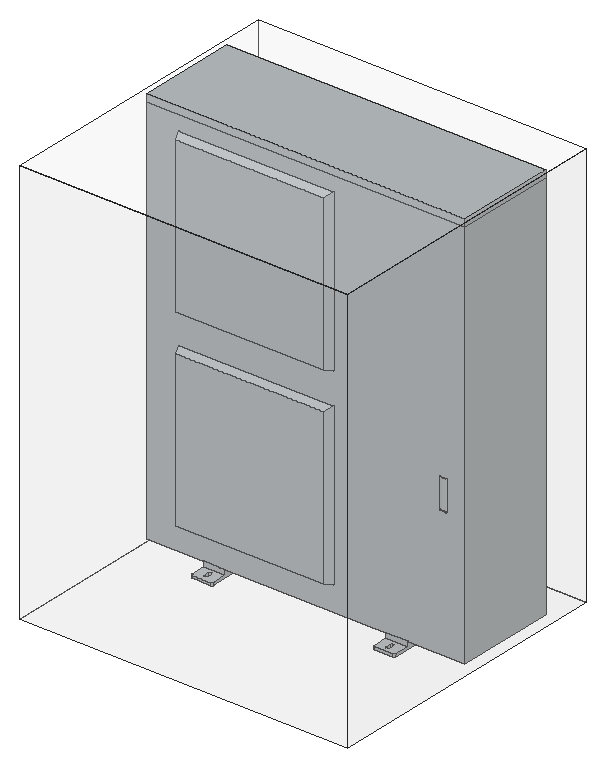
Revit family "puz-zrmp80hka16_280ka6_50hz", category 機械設備, Revit 2023
Family settings
  丸型コネクタ寸法 = 直径を使用
  パーツ タイプ = 標準
  OmniClass 番号 = 23.75.10.24.21.27.27
  OmniClass タイトル = Split System Air Conditioning Units
  作業面ベース = いいえ
  常に垂直 = はい
  ロード時にボイドで切り取り = いいえ
  注釈の向きを維持 = いいえ
  共有 = いいえ
  部屋計算ポイント = いいえ
Parameters (values of type "PUZ-ZRMP112KA16")
  風量_冷房 (㎥/min) = 100
  風量 = [風量_冷房 (㎥/min)] * 60.0 m³/h  # 6000.0 m³/h
  音響パワーレベル_冷房 (dB) = 68
  音響パワーレベル_暖房 (dB) = 70
  音響パワーレベル(dB) = if([音響パワーレベル_冷房 (dB)] > [音響パワーレベル_暖房 (dB)], [音響パワーレベル_冷房 (dB)], [音響パワーレベル_暖房 (dB)])  # 70
  電源種別 = ""
  電源位置Y = 2 mm
  電源位置Z = 1063 mm
  電源位置X = 325 mm
  電圧 = 200 V
  電動機出力_送風機 = 0.12 kW
  電動機出力_圧縮機 = 2.1 kW
  集中コントローラ [instance] = ""
  運転質量 = 0.00 kg
  運転方法 = "冷暖切替"
  質量 = if(製品質量 > 運転質量, 製品質量, 運転質量) * 1.2  # 120.00 kg
  負荷分類 = 1_熱源類
  説明 = "空冷H/P PAC インバータ室外機"
  設計暖房能力 [instance] = 0 kW
  設計冷房能力_顕熱 [instance] = 0 kW
  設計冷房能力 [instance] = 0 kW
  設置方法 = "床置形"
  記号 [instance] = ""
  製造元 = "三菱電機株式会社"
  製品質量 = 100.00 kg
  製品出荷対象 = "国内"
  製品リリース年月 = "2026/5/11"
  系統 [instance] = ""
  符号 = "PAC"
  積算_科目 = "1 空気調和設備"
  積算_拾い区分 [instance] = ""
  相 = 3
  盤記号 [instance] = ""
  発停方法 = "別売リモコン"
  特殊仕様 [instance] = ""
  消費電力_暖房 = 2.67 kW
  消費電力_冷房 = 2.43 kW
  消費電力 = if(消費電力_冷房 > 消費電力_暖房, 消費電力_冷房, 消費電力_暖房)  # 2.67 kW
  法定耐用年数 = "6"
  極数 = 3
  材質 [instance] = ""
  本体マテリアル = Galvanized steel plate
  最小電線太さ_mm2 = 5.5
  最大電流値 = 0 A
  暖房能力 = 11.2 kW
  既定の高さ = 0 mm
  推奨ブレーカー容量 = 30 A
  据付ピッチ1 = 0 mm
  形式 = "パッケージ形 室外機"
  形名 = PUZ-EZRMP-3 : PUZ-EZRMP3-1
  幹線記号 [instance] = ""
  始動方式 = "インバータ"
  呼称 = "パッケージ形空気調和機_室外機"
  周波数 = 50 Hz
  価格 = 0
  ドレン　位置Z = 23 mm
  ドレン　位置Y = 176 mm
  ドレン　位置X = 45 mm
  アンカーボルト位置Y = 370 mm
  アンカーボルト位置X = 600 mm
  参照している仕様書等のバージョン = "公共建築物標準仕様書（機械設備工事編）平成31年度版"
  分類コード = "50053003126100"
  分類グループ = "設備"
  冷房能力 = 10 kW
  冷媒管（ガス）位置X = 483 mm
  冷媒管（液）位置X = 423 mm
  冷媒管（液）位置Y = 290 mm
  冷媒管（ガス）位置Y = 274 mm
  冷媒管長 [instance] = 0 mm
  冷媒管径符号 = "Bd"
  冷媒管径 = 100 mm
  冷媒管位置Z = 450 mm
  冷媒管位置Y = (冷媒管（液）位置Y + 冷媒管（ガス）位置Y) / 2  # 282 mm
  冷媒管位置X = (冷媒管（液）位置X + 冷媒管（ガス）位置X) / 2  # 453 mm
  冷媒液管径 = 9.52 mm
  冷媒ガス管径 = 15.88 mm
  企業コード = "108420"
  付属品 [instance] = ""
  ユニット数 = 1
  ユニット3 = yes
  ユニット2 = yes
  モデル = "PUZ-ZRMP112KA16"
  ドレン管径 = 33 mm
  サービススペース = yes
  コメント [instance] = ""
  【値が 0 の項目は組合せ形名にてご確認ください】 = ""
  Width = 1050 mm
  Version = ""
  Uniclass2015Version = "Systems v1.9"
  Uniclass2015Title = "Split coil remote air cooled condensing units"
  Uniclass2015Code = "Pr_70_65_03_84"
  URL = "https://www.mitsubishielectric.co.jp/ldg/wink/qr/002/364679"
  SpecificationReference = ""
  SpecificationDescription = ""
  Revision = ""
  ProductInformation = ""
  OmniClassCode = "23-33 17 13 11"
  IfcTypeProduct = ""
  IfcProduct = ""
  IfcExportType = "AIRCONDITIONINGUNIT"
  IfcExportAs = "IfcUnitaryEquipmentType"
  Height = 1338 mm
  Depth = 330 mm
  Clearance Top = 0 mm
  Clearance Right = 15 mm
  Clearance Left = 15 mm
  Clearance Front = 500 mm
  Clearance Bottom = 0 mm
  Clearance Back = 150 mm
  COP_暖房 = 0
  COP_冷房 = 0
  COP = (COP_冷房 + COP_暖房) / 2  # 0
  BLCJ仕様バージョン = "2.0"
  Author = "三菱電機株式会社"
  APF = 0
Reference planes
  plane 1 "中心(正面/背面)": y = 74
  plane 2: z = 0
  plane 3 "中心(左/右)": x = 830
  plane 4 "右": x = 1355
  plane 5 "左": x = 305
  plane 6 "背面": y = 239
  plane 7 "正面": y = -91
  plane 8 "上部": z = 1338
  plane 9 "Clearanse Top": z = 1338
  plane 10 "SS_back": y = 389
  plane 11 "SS_front": y = -591
  plane 12 "SS_left": x = 290
  plane 13 "SS_right": x = 1370
  plane 14: z = 0
  plane 15: y = -89
  plane 16: x = 1155
  plane 17: z = 1063
  plane 18: y = -87
  plane 19: y = -43
  plane 20: x = 1283
  plane 21: z = 450
  plane 22: z = 452
  plane 23: y = 63
  plane 24: x = 350
  plane 25: z = 25
  plane 26: z = 23
  plane 27: x = 530
  plane 28: x = 1130
  plane 29: y = 254
  plane 30: y = -116
Forms (mm)
  Extrusion 1, solid, detail levels fine
    sketch origin (0, -91, 0) x (1, 0, 0) y (0, 0, 1)
      loop
        circle (1155, 1063) r 13.5
    from -4 to -2
  Extrusion 2, solid, detail levels fine
    sketch origin (-1437.329, -1524, 54) x (-1, 0, 0) y (0, -1, 0)
      loop
        circle (-2720.329, -1481) r 50
    from 396 to 398
  Extrusion 3, solid, detail levels fine
    sketch origin (-1437.329, -1524, 54) x (-1, 0, 0) y (0, -1, 0)
      loop
        circle (-1787.329, -1587) r 16.5
    from -31 to -29
Lines and regions (mm)
  model lines, not visible
    curve 1: line (460, 178.667, 1289.179) -> (460, 297.73, 1289.179)
    curve 2: line (460, 178.667, 1056.056) -> (460, 178.667, 1289.179)
    curve 3: line (460, 297.73, 1056.056) -> (460, 178.667, 1056.056)
    curve 4: line (460, 297.73, 1289.179) -> (460, 297.73, 1056.056)
    curve 5: line (460, 47.598, 1289.179) -> (460, 166.661, 1289.179)
    curve 6: line (460, 47.598, 1056.056) -> (460, 47.598, 1289.179)
    curve 7: line (460, 166.661, 1056.056) -> (460, 47.598, 1056.056)
    curve 8: line (460, 166.661, 1289.179) -> (460, 166.661, 1056.056)
    curve 9: line (460, -83.471, 1289.179) -> (460, 35.592, 1289.179)
    curve 10: line (460, -83.471, 1056.056) -> (460, -83.471, 1289.179)
    curve 11: line (460, 35.592, 1056.056) -> (460, -83.471, 1056.056)
    curve 12: line (460, 35.592, 1289.179) -> (460, 35.592, 1056.056)
    curve 13: line (460, -150.779, 1289.179) -> (460, -95.75, 1289.179)
    curve 14: line (460, -150.779, 1056.056) -> (460, -150.779, 1289.179)
    curve 15: line (460, -95.75, 1056.056) -> (460, -150.779, 1056.056)
    curve 16: line (460, -95.75, 1289.179) -> (460, -95.75, 1056.056)
    curve 17: line (460, -150.779, 1283.175) -> (460, -132.596, 1283.175)
    curve 18: line (460, -150.779, 1062.059) -> (460, -150.779, 1283.175)
    curve 19: line (460, -132.596, 1062.059) -> (460, -150.779, 1062.059)
    curve 20: line (460, -132.596, 1283.175) -> (460, -132.596, 1062.059)
    curve 21: line (460, 178.667, 1046.051) -> (460, 297.73, 1046.051)
    curve 22: line (460, 178.667, 812.928) -> (460, 178.667, 1046.051)
    curve 23: line (460, 297.73, 812.928) -> (460, 178.667, 812.928)
    curve 24: line (460, 297.73, 1046.051) -> (460, 297.73, 812.928)
    curve 25: line (460, 47.598, 1046.051) -> (460, 166.661, 1046.051)
    curve 26: line (460, 47.598, 812.928) -> (460, 47.598, 1046.051)
    curve 27: line (460, 166.661, 812.928) -> (460, 47.598, 812.928)
    curve 28: line (460, 166.661, 1046.051) -> (460, 166.661, 812.928)
    curve 29: line (460, -83.471, 1046.051) -> (460, 35.592, 1046.051)
    curve 30: line (460, -83.471, 812.928) -> (460, -83.471, 1046.051)
    curve 31: line (460, 35.592, 812.928) -> (460, -83.471, 812.928)
    curve 32: line (460, 35.592, 1046.051) -> (460, 35.592, 812.928)
    curve 33: line (460, -150.779, 1046.051) -> (460, -95.75, 1046.051)
    curve 34: line (460, -150.779, 812.928) -> (460, -150.779, 1046.051)
    curve 35: line (460, -95.75, 812.928) -> (460, -150.779, 812.928)
    curve 36: line (460, -95.75, 1046.051) -> (460, -95.75, 812.928)
    curve 37: line (460, -150.779, 1040.048) -> (460, -132.596, 1040.048)
    curve 38: line (460, -150.779, 818.931) -> (460, -150.779, 1040.048)
    curve 39: line (460, -132.596, 818.931) -> (460, -150.779, 818.931)
    curve 40: line (460, -132.596, 1040.048) -> (460, -132.596, 818.931)
    curve 41: line (460, 178.667, 802.923) -> (460, 297.73, 802.923)
    curve 42: line (460, 178.667, 569.8) -> (460, 178.667, 802.923)
    curve 43: line (460, 297.73, 569.8) -> (460, 178.667, 569.8)
    curve 44: line (460, 297.73, 802.923) -> (460, 297.73, 569.8)
    curve 45: line (460, 47.598, 802.923) -> (460, 166.661, 802.923)
    curve 46: line (460, 47.598, 569.8) -> (460, 47.598, 802.923)
    curve 47: line (460, 166.661, 569.8) -> (460, 47.598, 569.8)
    curve 48: line (460, 166.661, 802.923) -> (460, 166.661, 569.8)
    curve 49: line (460, -83.471, 802.923) -> (460, 35.592, 802.923)
    curve 50: line (460, -83.471, 569.8) -> (460, -83.471, 802.923)
    curve 51: line (460, 35.592, 569.8) -> (460, -83.471, 569.8)
    curve 52: line (460, 35.592, 802.923) -> (460, 35.592, 569.8)
    curve 53: line (460, -150.779, 802.923) -> (460, -95.75, 802.923)
    curve 54: line (460, -150.779, 569.8) -> (460, -150.779, 802.923)
    curve 55: line (460, -95.75, 569.8) -> (460, -150.779, 569.8)
    curve 56: line (460, -95.75, 802.923) -> (460, -95.75, 569.8)
    curve 57: line (460, -150.779, 796.92) -> (460, -132.596, 796.92)
    curve 58: line (460, -150.779, 575.803) -> (460, -150.779, 796.92)
    curve 59: line (460, -132.596, 575.803) -> (460, -150.779, 575.803)
    curve 60: line (460, -132.596, 796.92) -> (460, -132.596, 575.803)
    curve 61: line (460, 178.667, 559.795) -> (460, 297.73, 559.795)
    curve 62: line (460, 178.667, 326.672) -> (460, 178.667, 559.795)
    curve 63: line (460, 297.73, 326.672) -> (460, 178.667, 326.672)
    curve 64: line (460, 297.73, 559.795) -> (460, 297.73, 326.672)
    curve 65: line (460, 47.598, 559.795) -> (460, 166.661, 559.795)
    curve 66: line (460, 47.598, 326.672) -> (460, 47.598, 559.795)
    curve 67: line (460, 166.661, 326.672) -> (460, 47.598, 326.672)
    curve 68: line (460, 166.661, 559.795) -> (460, 166.661, 326.672)
    curve 69: line (460, -83.471, 559.795) -> (460, 35.592, 559.795)
    curve 70: line (460, -83.471, 326.672) -> (460, -83.471, 559.795)
    curve 71: line (460, 35.592, 326.672) -> (460, -83.471, 326.672)
    curve 72: line (460, 35.592, 559.795) -> (460, 35.592, 326.672)
    curve 73: line (460, -150.779, 559.795) -> (460, -95.75, 559.795)
    curve 74: line (460, -150.779, 326.672) -> (460, -150.779, 559.795)
    curve 75: line (460, -95.75, 326.672) -> (460, -150.779, 326.672)
    curve 76: line (460, -95.75, 559.795) -> (460, -95.75, 326.672)
    curve 77: line (460, -150.779, 553.792) -> (460, -132.596, 553.792)
    curve 78: line (460, -150.779, 332.675) -> (460, -150.779, 553.792)
    curve 79: line (460, -132.596, 332.675) -> (460, -150.779, 332.675)
    curve 80: line (460, -132.596, 553.792) -> (460, -132.596, 332.675)
    curve 81: line (460, 178.667, 316.667) -> (460, 297.73, 316.667)
    curve 82: line (460, 178.667, 83.544) -> (460, 178.667, 316.667)
    curve 83: line (460, 297.73, 83.544) -> (460, 178.667, 83.544)
    curve 84: line (460, 297.73, 316.667) -> (460, 297.73, 83.544)
    curve 85: line (460, 47.598, 316.667) -> (460, 166.661, 316.667)
    curve 86: line (460, 47.598, 83.544) -> (460, 47.598, 316.667)
    curve 87: line (460, 166.661, 83.544) -> (460, 47.598, 83.544)
    curve 88: line (460, 166.661, 316.667) -> (460, 166.661, 83.544)
    curve 89: line (460, -83.471, 316.667) -> (460, 35.592, 316.667)
    curve 90: line (460, -83.471, 83.544) -> (460, -83.471, 316.667)
    curve 91: line (460, 35.592, 83.544) -> (460, -83.471, 83.544)
    curve 92: line (460, 35.592, 316.667) -> (460, 35.592, 83.544)
    curve 93: line (460, -150.779, 316.667) -> (460, -95.75, 316.667)
    curve 94: line (460, -150.779, 83.544) -> (460, -150.779, 316.667)
    curve 95: line (460, -95.75, 83.544) -> (460, -150.779, 83.544)
    curve 96: line (460, -95.75, 316.667) -> (460, -95.75, 83.544)
    curve 97: line (460, -150.779, 310.664) -> (460, -132.596, 310.664)
    curve 98: line (460, -150.779, 89.547) -> (460, -150.779, 310.664)
    curve 99: line (460, -132.596, 89.547) -> (460, -150.779, 89.547)
    curve 100: line (460, -132.596, 310.664) -> (460, -132.596, 89.547)
Dimensions and locks
  equal spacing: plane 7 "正面", plane 1 "中心(正面/背面)", plane 6 "背面"
  "Depth": plane 7 "正面" to plane 6 "背面"
  "Width": plane 5 "左" to plane 4 "右"
  equal spacing: plane 5 "左", plane 3 "中心(左/右)", plane 4 "右"
  "Clearance Left": plane 12 "SS_left" to plane 5 "左"
  "Clearance Right": plane 4 "右" to plane 13 "SS_right"
  "Clearance Back": plane 6 "背面" to plane 10 "SS_back"
  "Clearance Front": plane 11 "SS_front" to plane 7 "正面"
  "Height": plane 8 "上部" to level
  "Clearance Top": plane 9 "Clearanse Top" to plane 8 "上部"
  "Clearance Bottom": level to plane 14
  "電源位置X": plane 3 "中心(左/右)" to plane 16
  "電源位置Y": plane 7 "正面" to plane 15
  "電源位置Z": plane 17 to level
  locked: plane 15 to plane 18 at 2
  "冷媒管位置X": plane 3 "中心(左/右)" to plane 20
  "冷媒管位置Y": plane 19 to plane 6 "背面"
  "冷媒管位置Z": plane 21 to level
  locked: plane 22 to plane 21 at 2
  "ドレン　位置X": plane 5 "左" to plane 24
  "ドレン　位置Y": plane 23 to plane 6 "背面"
  locked: plane 25 to plane 26 at 2
  "ドレン　位置Z": plane 26 to level
  "アンカーボルト位置Y": plane 30 to plane 29
  equal spacing: plane 27, plane 3 "中心(左/右)", plane 28
  "アンカーボルト位置X": plane 27 to plane 28
  nested 2 to plane 6 "背面" to plane 29 = 355 mm, 15 mm
  plane 30 to plane 7 "正面" = 25 mm
  radius of Extrusion 1 sketch curve = 13.5 mm
  "冷媒管径": diameter of Extrusion 2 sketch curve
  "ドレン管径": diameter of Extrusion 3 sketch curve
  aligned and locked: level to plane 2
  aligned and locked: plane 10 "SS_back" to nested 1  (x2)
  aligned and locked: plane 13 "SS_right" to nested 1
  aligned and locked: plane 12 "SS_left" to nested 1  (x2)
  aligned and locked: nested 1 to plane 13 "SS_right"
  aligned and locked: plane 11 "SS_front" to nested 1
  aligned and locked: plane 9 "Clearanse Top" to nested 1
  aligned and locked: plane 1 "中心(正面/背面)" to nested 2
  aligned and locked: plane 3 "中心(左/右)" to nested 2
  aligned and locked: plane 14 to nested 1
  aligned and locked: plane 17 to Extrusion 1 sketch curve
  aligned and locked: plane 16 to Extrusion 1 sketch curve
  aligned and locked: Extrusion 1 to plane 18
  aligned and locked: plane 15 to Extrusion 1
  aligned and locked: plane 19 to Extrusion 2 sketch curve
  aligned and locked: plane 20 to Extrusion 2 sketch curve
  aligned and locked: plane 22 to Extrusion 2
  aligned and locked: Extrusion 2 to plane 21
  aligned and locked: plane 24 to Extrusion 3 sketch curve
  aligned and locked: plane 23 to Extrusion 3 sketch curve
  aligned and locked: plane 25 to Extrusion 3
  aligned and locked: Extrusion 3 to plane 26
  aligned and locked: plane 27 to nested 3
  aligned and locked: plane 29 to nested 3
Nested families
  nested 1: "サービススペース" at (830, -101, 669), visible <- "サービススペース", type "サービススペース"
    with Width 1080 mm, Height 1338 mm, Depth 980 mm
  nested 2: "PUZ-EZRMP-3" at (830, 74, 0), type <- "形名", type "PUZ-EZRMP3-1", detail levels fine
  nested 3: "固定点" at (530, -116, 0), type "固定点"
    with W 600 mm, D 370 mm
Connectors
  piping at (1283, -43, 450), diameter 100, driven by "冷媒管径", driven by "冷媒管径符号"
    settings: on Extrusion 2, index 1, connector inside diameter 609.6 mm, connector length 0 mm, flow factor 0, pipe flow 0.0 L/s, pressure drop 0.0 Pa, fitting loss kfactor 0, connector angle 0.00°, fixture units 0, engagement length 0 mm, angle of deflection 0.00°, flow configuration 1, flow direction 2, fitting loss method 4, system type 7, joint type 0, gender type 0, connector reference index -1, connector utility 0, adjustable connector no, is connector primary yes, connector description "Bd"
  electrical at (1155, -89, 1063), driven by "極数", driven by "負荷分類", driven by "電圧", driven by "消費電力"
    settings: on Extrusion 1, index 2, voltage 200 V, apparent load 2670 VA, apparent load phase1 0 VA, apparent load phase2 0 VA, apparent load phase3 0 VA, power factor 1, load classification "1_熱源類", number of poles 3, system type 30, power factor state 1, is connector primary yes, connector utility no, sub classification motor no, connector description ""
Definition of nested family "サービススペース"
  Parameters (values of type "サービススペース")
    Default Elevation = 0 mm
    Width [instance] = 500 mm
    Height [instance] = 500 mm
    Depth [instance] = 500 mm
  Reference planes
    plane 1 "中心(正面/背面)": y = 0
    plane 2: z = 0
    plane 3 "中心(左/右)": x = 0
    plane 4: y = -250
    plane 5: x = 250
    plane 6: y = 250
    plane 7: x = -250
    plane 8: z = 250
    plane 9: z = -250
  Forms (mm)
    Extrusion 1, solid
      sketch origin (-638.939, 0, 72.39) x (1, 0, 0) y (0, 1, 0)
        loop
          line (388.939, 250) -> (388.939, -250) -> (888.939, -250) -> (888.939, 250) -> (388.939, 250)
      from -322.39 to 177.61
  Lines and regions (mm)
    symbolic lines
      curve 1: line (-250, 0, 250) -> (250, 0, 250)
      curve 2: line (-250, 0, -250) -> (-250, 0, 250)
      curve 3: line (250, 0, -250) -> (-250, 0, -250)
      curve 4: line (250, 0, 250) -> (250, 0, -250)
      curve 5: line (0, -250, 250) -> (0, 250, 250)
      curve 6: line (0, -250, -250) -> (0, -250, 250)
      curve 7: line (0, 250, -250) -> (0, -250, -250)
      curve 8: line (0, 250, 250) -> (0, 250, -250)
      curve 9: line (-250, 250, 0) -> (250, 250, 0)
      curve 10: line (-250, -250, 0) -> (-250, 250, 0)
      curve 11: line (250, -250, 0) -> (-250, -250, 0)
      curve 12: line (250, 250, 0) -> (250, -250, 0)
  Dimensions and locks
    equal spacing: plane 7, plane 3 "中心(左/右)", plane 5
    equal spacing: plane 4, plane 1 "中心(正面/背面)", plane 6
    "Depth": plane 4 to plane 6
    "Width": plane 7 to plane 5
    equal spacing: plane 8, plane 2, plane 9
    "Height": plane 8 to plane 9
    aligned and locked: plane 9 to curve 3
    aligned and locked: plane 7 to curve 2
    aligned and locked: curve 4 to plane 5
    aligned and locked: plane 5 to Extrusion 1
    aligned and locked: Extrusion 1 to plane 7
    aligned and locked: Extrusion 1 to plane 9
    aligned and locked: plane 8 to Extrusion 1
    aligned and locked: plane 9 to curve 7
  Automatic sketch dimensions
    plane 4 to Extrusion 1 sketch curve = 0 mm
    Extrusion 1 sketch curve to plane 7 = 0 mm
    Extrusion 1 sketch curve to plane 5 = 0 mm
    plane 6 to Extrusion 1 sketch curve = 0 mm
    curve 2 to plane 8 = 0 mm
    plane 4 to curve 11 = 0 mm
    curve 11 to plane 7 = 0 mm
    curve 11 to plane 5 = 0 mm
    plane 6 to curve 10 = 0 mm
    curve 7 to plane 4 = 0 mm
    curve 7 to plane 6 = 0 mm
    curve 6 to plane 8 = 0 mm
Definition of nested family "PUZ-EZRMP-3"
  Parameters (values of type "PUZ-EZRMP3-3")
    配線取出口サイズ = 27 mm
    配線取出口-Z = 1063 mm
    配線取出口-Y = 325 mm
    配線取出口-X = 325 mm
    液配管サイズ = 100 mm
    高さ = 1338 mm
    Default Elevation = 0 mm
    換気-W = 362 mm
    換気-H2 = 632 mm
    換気-H1 = 369 mm
    換気-D = 25 mm
    奥行き = 330 mm
    吊りボルト_H = 0 mm
    吊りボルト-φ = 12 mm
    冷媒配管サイズ = 19.05 mm
    冷媒液管径-Z = 424 mm
    冷媒液管径-Y = 290 mm
    冷媒液管径-X = 423 mm
    冷媒ガス管径-Z = 337 mm
    冷媒ガス管径-Y = 276 mm
    冷媒ガス管径-X = 479 mm
    吊りボルト-W = 600 mm
    マテリアル = none
    ドレン配管サイズ = 33 mm
    ドレン管径-Z = 0 mm
    ドレン管径-Y = 154 mm
    ドレン管径-X = 480 mm
    タイプ3 = yes
    タイプ2 = no
    タイプ1 = no
    ガス配管サイズ = 25.4 mm
    吊りボルト-D = 370 mm
    幅さ = 1050 mm
    a = 幅さ / 2  # 525 mm
  Types (3, lengths in mm): name | 冷媒配管サイズ | 冷媒液管径-Z | 冷媒ガス管径-Z | 冷媒ガス管径-Y | 冷媒ガス管径-X | ガス配管サイズ
    PUZ-EZRMP3-3 | 19.05 | 424 | 337 | 276 | 479 | 25.4
    PUZ-EZRMP3-2 | 19.05 | 450 | 337 | 276 | 479 | 25.4
    PUZ-EZRMP3-1 | 9.52 | 450 | 420 | 274 | 483 | 15.88
  Reference planes
    plane 1 "中心(正面/背面)": y = 0
    plane 2: z = 0
    plane 3 "中心(左/右)": x = 0
    plane 4: z = 1338
    plane 5: x = -525
    plane 6: x = 525
    plane 7: y = 165
    plane 8: y = -165
    plane 9: x = 587
    plane 10: y = -105
    plane 11: y = 5
    plane 12: z = 1313
    plane 13: x = -545
    plane 14: x = -300
    plane 15: x = 300
    plane 16: y = 185
    plane 17: y = -185
    plane 18: x = 335
    plane 19: x = 265
    plane 20: x = -265
    plane 21: x = -335
    plane 22: y = 204
    plane 23: y = -218
    plane 24: z = 8.5
    plane 25: z = 25
    plane 26: z = 23
    plane 27: z = 1333
    plane 28: y = -40
    plane 29: y = 40
    plane 30: y = -30
    plane 31: y = 30
    plane 32: z = 1318
    plane 33: z = 55
    plane 34: z = 225
    plane 35: z = 570
    plane 36: x = 535
    plane 37: x = 556
    plane 38: y = -190
    plane 39: x = -163
    plane 40: z = 369
    plane 41: x = 91
    plane 42: x = -417
    plane 43: z = 633
    plane 44: z = 105
    plane 45: x = -407
    plane 46: x = 81
    plane 47: z = 623
    plane 48: z = 115
    plane 49: y = 115
    plane 50: y = -115
    plane 51: x = -480
    plane 52: y = -11
    plane 53: x = 479
    plane 54: x = 325
    plane 55: y = -160
    plane 56: y = -125
    plane 57: y = -111
    plane 58: x = 423
    plane 59: z = 337
    plane 60: z = 424
    plane 61: z = 1063
    plane 62: y = -110
    plane 63: z = 467
    plane 64: z = 524
    plane 65: x = 451
    plane 66: y = -118
    plane 67 "グループ": x = -525
    plane 68: z = 1338
    plane 69: z = 943
    plane 70: z = 1001
    plane 71: z = 1265
    plane 72: z = 737
    plane 73: z = 1255
    plane 74: z = 747
    plane 75: y = 125
    plane 76: x = -370
    plane 77: x = -210
    plane 78: x = -50
    plane 79: x = 110
  Forms (mm)
    Extrusion 1, solid, visible <- "タイプ3", detail levels fine
      sketch origin (-1437.329, -1524, 1338) x (-1, 0, 0) y (0, -1, 0)
        loop
          line (-1102.329, -1689) -> (-1102.329, -1359) -> (-1172.329, -1359) -> (-1172.329, -1689) -> (-1102.329, -1689)
        loop
          line (-1702.329, -1689) -> (-1702.329, -1359) -> (-1772.329, -1359) -> (-1772.329, -1689) -> (-1702.329, -1689)
      from -1338 to -1313
    Extrusion 2, solid, material <- "マテリアル", visible <- "タイプ3", detail levels fine
      sketch origin (-1437.329, -1524, 1338) x (-1, 0, 0) y (0, -1, 0)
        loop
          line (-1962.329, -1689) -> (-912.329, -1689) -> (-912.329, -1359) -> (-1962.329, -1359) -> (-1962.329, -1689)
      from -1313 to -25
    Extrusion 3, solid, material <- "マテリアル", visible <- "タイプ3", detail levels fine
      sketch origin (-1437.329, -1524, 1338) x (-1, 0, 0) y (0, -1, 0)
        loop
          line (-912.329, -1689) -> (-912.329, -1359) -> (-1962.329, -1359) -> (-1962.329, -1689) -> (-912.329, -1689)
      from -25 to 0
    Blend 4, solid, material <- "マテリアル", visible <- "タイプ3", detail levels fine
      base sketch origin (0, 0, 0) x (1, 0, 0) y (0, 0, 1)
        loop
          line (-417, 633) -> (-417, 105) -> (91, 105) -> (91, 633) -> (-417, 633)
      top sketch origin (0, 0, 0) x (1, 0, 0) y (0, 0, 1)
        loop
          line (-407, 623) -> (-407, 115) -> (81, 115) -> (81, 623) -> (-407, 623)
      from 165 to 190
    Extrusion 5, solid, material <- "マテリアル", visible <- "タイプ3", detail levels fine
      sketch origin (-1437.329, -1524, 1338) x (-1, 0, 0) y (0, -1, 0)
        loop
          circle (-1916.329, -1413) r 12.7
      from -1001 to -871
    Extrusion 6, solid, material <- "マテリアル", visible <- "タイプ3", detail levels fine
      sketch origin (-1437.329, -1524, 1338) x (-1, 0, 0) y (0, -1, 0)
        loop
          circle (-1860.329, -1399) r 9.525
      from -914 to -814
    Extrusion 7, solid, material <- "マテリアル", visible <- "タイプ3", detail levels fine
      sketch origin (1480.036, -190, 1200) x (1, 0, 0) y (0, 0, 1)
        loop
          circle (-1155.036, -137) r 13.5
      from -80 to -30
    Extrusion 8, solid, material <- "マテリアル", visible <- "タイプ3", detail levels fine
      sketch origin (-1437.329, -1524, 1338) x (-1, 0, 0) y (0, -1, 0)
        loop
          circle (-1888.329, -1406) r 50
      from -914 to -814
    Blend 9, solid, material <- "マテリアル", visible <- "タイプ3", detail levels fine
      base sketch origin (1480.036, -190, 1200) x (1, 0, 0) y (0, 0, 1)
        loop
          line (-1897.036, 65) -> (-1897.036, -463) -> (-1389.036, -463) -> (-1389.036, 65) -> (-1897.036, 65)
      top sketch origin (1480.036, -190, 1200) x (1, 0, 0) y (0, 0, 1)
        loop
          line (-1887.036, 55) -> (-1887.036, -453) -> (-1399.036, -453) -> (-1399.036, 55) -> (-1887.036, 55)
      from -25 to 0
    Extrusion 10, solid, visible <- "タイプ3", detail levels fine
      sketch origin (-1437.329, -1524, 1338) x (-1, 0, 0) y (0, -1, 0)
        loop
          line (-1102.329, -1728) -> (-1102.329, -1689) -> (-1172.329, -1689) -> (-1172.329, -1728) -> (-1143.329, -1728) -> (-1143.329, -1709)
          arc (-1143.329, -1709) -> (-1137.329, -1703) -> (-1131.329, -1709) r 6
          line (-1131.329, -1709) -> (-1131.329, -1728) -> (-1102.329, -1728)
        loop
          line (-1102.329, -1359) -> (-1102.329, -1311)
          arc (-1102.329, -1311) -> (-1103.794, -1307.464) -> (-1107.329, -1306) r 5
          line (-1107.329, -1306) -> (-1167.329, -1306)
          arc (-1167.329, -1306) -> (-1170.865, -1307.464) -> (-1172.329, -1311) r 5
          line (-1172.329, -1311) -> (-1172.329, -1359) -> (-1102.329, -1359)
        loop
          arc (-1143.329, -1339) -> (-1137.329, -1345) -> (-1131.329, -1339) r 6
          line (-1131.329, -1339) -> (-1131.329, -1324)
          arc (-1131.329, -1324) -> (-1137.329, -1318) -> (-1143.329, -1324) r 6
          line (-1143.329, -1324) -> (-1143.329, -1339)
        loop
          line (-1772.329, -1728) -> (-1743.329, -1728) -> (-1743.329, -1709)
          arc (-1743.329, -1709) -> (-1737.329, -1703) -> (-1731.329, -1709) r 6
          line (-1731.329, -1709) -> (-1731.329, -1728) -> (-1702.329, -1728) -> (-1702.329, -1689) -> (-1772.329, -1689) -> (-1772.329, -1728)
        loop
          line (-1772.329, -1359) -> (-1702.329, -1359) -> (-1702.329, -1311)
          arc (-1702.329, -1311) -> (-1703.794, -1307.464) -> (-1707.329, -1306) r 5
          line (-1707.329, -1306) -> (-1767.329, -1306)
          arc (-1767.329, -1306) -> (-1770.865, -1307.464) -> (-1772.329, -1311) r 5
          line (-1772.329, -1311) -> (-1772.329, -1359)
        loop
          line (-1731.329, -1339) -> (-1731.329, -1324)
          arc (-1731.329, -1324) -> (-1737.329, -1318) -> (-1743.329, -1324) r 6
          line (-1743.329, -1324) -> (-1743.329, -1339)
          arc (-1743.329, -1339) -> (-1737.329, -1345) -> (-1731.329, -1339) r 6
      from -1338 to -1329.5
    Extrusion 11, solid, material <- "マテリアル", visible <- "タイプ3", detail levels fine
      sketch origin (-1437.329, -1524, 1338) x (-1, 0, 0) y (0, -1, 0)
        loop
          circle (-957.329, -1513) r 16.5
        loop
          circle (-1067.329, -1649) r 16.5
        loop
          circle (-1227.329, -1649) r 16.5
        loop
          circle (-1387.329, -1649) r 16.5
        loop
          circle (-1547.329, -1649) r 16.5
      from -1315 to -1313
  Cuts and joins
    joined: Extrusion 1, Extrusion 10
  Lines and regions (mm)
    Masking region 1, visible <- "タイプ3", detail levels coarse+medium
      outline origin (-1437.329, -1524, 1338) x (-1, 0, 0) y (0, -1, 0)
        loop
          line (-1962.329, -1689) -> (-1772.329, -1689) -> (-1772.329, -1728) -> (-1702.329, -1728) -> (-1702.329, -1689) -> (-1172.329, -1689) -> (-1172.329, -1728) -> (-1102.329, -1728) -> (-1102.329, -1689) -> (-912.329, -1689) -> (-912.329, -1359) -> (-1020.329, -1359) -> (-1030.329, -1334) -> (-1102.329, -1334) -> (-1102.329, -1306) -> (-1172.329, -1306) -> (-1172.329, -1334) -> (-1518.329, -1334) -> (-1528.329, -1359) -> (-1702.329, -1359) -> (-1702.329, -1306) -> (-1772.329, -1306) -> (-1772.329, -1359) -> (-1962.329, -1359) -> (-1962.329, -1689)
    model lines, visible <- "タイプ3", detail levels fine
      curve 1: line (445, 115, 1338) -> (-445, 115, 1338)
      curve 2: line (-445, -115, 1338) -> (445, -115, 1338)
      curve 3: line (-445, -45, 1338) -> (445, -45, 1338)
      curve 4: line (445, 45, 1338) -> (-445, 45, 1338)
      curve 5: line (-445, -35, 1338) -> (445, -35, 1338)
      curve 6: line (445, 35, 1338) -> (-445, 35, 1338)
      curve 7: line (-445, 115, 1338) -> (-445, 45, 1338)
      curve 8: line (445, -115, 1338) -> (445, -45, 1338)
      curve 9: line (-445, 35, 1338) -> (-445, -35, 1338)
      curve 10: line (-445, -45, 1338) -> (-445, -115, 1338)
      curve 11: line (445, -35, 1338) -> (445, 35, 1338)
      curve 12: line (445, 45, 1338) -> (445, 115, 1338)
      curve 13: line (475, -115, 1338) -> (475, 115, 1338)
      curve 14: line (460, -115, 1338) -> (460, 115, 1338)
      curve 15: line (-475, 115, 1338) -> (-475, -115, 1338)
      curve 16: line (-460, 115, 1338) -> (-460, -115, 1338)
      curve 17: line (-460, 115, 1338) -> (-475, 115, 1338)
      curve 18: line (-460, -115, 1338) -> (-475, -115, 1338)
      curve 19: line (460, 115, 1338) -> (475, 115, 1338)
      curve 20: line (460, -115, 1338) -> (475, -115, 1338)
      curve 21: line (-407, -190, 416.5) -> (81, -190, 416.5)
      curve 22: line (81, -190, 321.5) -> (-407, -190, 321.5)
      curve 23: line (-407, -190, 511.5) -> (81, -190, 511.5)
      curve 24: line (-407, -190, 606.5) -> (81, -190, 606.5)
      curve 25: line (81, -190, 226.5) -> (-407, -190, 226.5)
      curve 26: line (81, -190, 131.5) -> (-407, -190, 131.5)
      curve 27: line (-389.571, -190, 623) -> (-389.571, -190, 115)
      curve 28: line (63.571, -190, 115) -> (63.571, -190, 623)
      curve 29: line (-372.143, -190, 623) -> (-372.143, -190, 115)
      curve 30: line (-354.714, -190, 623) -> (-354.714, -190, 115)
      curve 31: line (-337.286, -190, 623) -> (-337.286, -190, 115)
      curve 32: line (-319.857, -190, 623) -> (-319.857, -190, 115)
      curve 33: line (-302.429, -190, 623) -> (-302.429, -190, 115)
      curve 34: line (-285, -190, 623) -> (-285, -190, 115)
      curve 35: line (-267.571, -190, 623) -> (-267.571, -190, 115)
      curve 36: line (-250.143, -190, 623) -> (-250.143, -190, 115)
      curve 37: line (-232.714, -190, 623) -> (-232.714, -190, 115)
      curve 38: line (-215.286, -190, 623) -> (-215.286, -190, 115)
      curve 39: line (-197.857, -190, 623) -> (-197.857, -190, 115)
      curve 40: line (-180.429, -190, 623) -> (-180.429, -190, 115)
      curve 41: line (-163, -190, 623) -> (-163, -190, 115)
      curve 42: line (-145.571, -190, 623) -> (-145.571, -190, 115)
      curve 43: line (-128.143, -190, 623) -> (-128.143, -190, 115)
      curve 44: line (-110.714, -190, 623) -> (-110.714, -190, 115)
      curve 45: line (-93.286, -190, 623) -> (-93.286, -190, 115)
      curve 46: line (-75.857, -190, 623) -> (-75.857, -190, 115)
      curve 47: line (-58.429, -190, 623) -> (-58.429, -190, 115)
      curve 48: line (-41, -190, 623) -> (-41, -190, 115)
      curve 49: line (-23.571, -190, 623) -> (-23.571, -190, 115)
      curve 50: line (-6.143, -190, 623) -> (-6.143, -190, 115)
      curve 51: line (11.286, -190, 623) -> (11.286, -190, 115)
      curve 52: line (28.714, -190, 623) -> (28.714, -190, 115)
      curve 53: line (46.143, -190, 623) -> (46.143, -190, 115)
      curve 54: line (-525, -100, 87) -> (-525, -60, 87)
      curve 55: line (-525, -100, 277) -> (-525, -100, 87)
      curve 56: line (-525, -60, 277) -> (-525, -100, 277)
      curve 57: line (-525, -60, 87) -> (-525, -60, 277)
      curve 58: line (-525, -100, 292) -> (-525, -60, 292)
      curve 59: line (-525, -100, 482) -> (-525, -100, 292)
      curve 60: line (-525, -60, 482) -> (-525, -100, 482)
      curve 61: line (-525, -60, 292) -> (-525, -60, 482)
      curve 62: line (-525, -100, 497) -> (-525, -60, 497)
      curve 63: line (-525, -100, 687) -> (-525, -100, 497)
      curve 64: line (-525, -60, 687) -> (-525, -100, 687)
      curve 65: line (-525, -60, 497) -> (-525, -60, 687)
      curve 66: line (-525, -100, 702) -> (-525, -60, 702)
      curve 67: line (-525, -100, 892) -> (-525, -100, 702)
      curve 68: line (-525, -60, 892) -> (-525, -100, 892)
      curve 69: line (-525, -60, 702) -> (-525, -60, 892)
      curve 70: line (-525, 60, 87) -> (-525, 100, 87)
      curve 71: line (-525, 60, 277) -> (-525, 60, 87)
      curve 72: line (-525, 100, 277) -> (-525, 60, 277)
      curve 73: line (-525, 100, 87) -> (-525, 100, 277)
      curve 74: line (-525, -46.667, 87) -> (-525, -6.667, 87)
      curve 75: line (-525, -46.667, 277) -> (-525, -46.667, 87)
      curve 76: line (-525, -6.667, 277) -> (-525, -46.667, 277)
      curve 77: line (-525, -6.667, 87) -> (-525, -6.667, 277)
      curve 78: line (-525, 6.667, 87) -> (-525, 46.667, 87)
      curve 79: line (-525, 6.667, 277) -> (-525, 6.667, 87)
      curve 80: line (-525, 46.667, 277) -> (-525, 6.667, 277)
      curve 81: line (-525, 46.667, 87) -> (-525, 46.667, 277)
      curve 82: line (-525, 60, 292) -> (-525, 100, 292)
      curve 83: line (-525, 60, 482) -> (-525, 60, 292)
      curve 84: line (-525, 100, 482) -> (-525, 60, 482)
      curve 85: line (-525, 100, 292) -> (-525, 100, 482)
      curve 86: line (-525, 60, 702) -> (-525, 100, 702)
      curve 87: line (-525, 60, 892) -> (-525, 60, 702)
      curve 88: line (-525, 100, 892) -> (-525, 60, 892)
      curve 89: line (-525, 100, 702) -> (-525, 100, 892)
      curve 90: line (-525, -46.667, 292) -> (-525, -6.667, 292)
      curve 91: line (-525, -46.667, 482) -> (-525, -46.667, 292)
      curve 92: line (-525, -6.667, 482) -> (-525, -46.667, 482)
      curve 93: line (-525, -6.667, 292) -> (-525, -6.667, 482)
      curve 94: line (-525, -46.667, 497) -> (-525, -6.667, 497)
      curve 95: line (-525, -46.667, 687) -> (-525, -46.667, 497)
      curve 96: line (-525, -6.667, 687) -> (-525, -46.667, 687)
      curve 97: line (-525, -6.667, 497) -> (-525, -6.667, 687)
      curve 98: line (-525, -46.667, 702) -> (-525, -6.667, 702)
      curve 99: line (-525, -46.667, 892) -> (-525, -46.667, 702)
      curve 100: line (-525, -6.667, 892) -> (-525, -46.667, 892)
      curve 101: line (-525, -6.667, 702) -> (-525, -6.667, 892)
      curve 102: line (-525, 6.667, 292) -> (-525, 46.667, 292)
      curve 103: line (-525, 6.667, 482) -> (-525, 6.667, 292)
      curve 104: line (-525, 46.667, 482) -> (-525, 6.667, 482)
      curve 105: line (-525, 46.667, 292) -> (-525, 46.667, 482)
      curve 106: line (-525, 6.667, 497) -> (-525, 46.667, 497)
      curve 107: line (-525, 6.667, 687) -> (-525, 6.667, 497)
      curve 108: line (-525, 46.667, 687) -> (-525, 6.667, 687)
      curve 109: line (-525, 46.667, 497) -> (-525, 46.667, 687)
      curve 110: line (-525, 6.667, 702) -> (-525, 46.667, 702)
      curve 111: line (-525, 6.667, 892) -> (-525, 6.667, 702)
      curve 112: line (-525, 46.667, 892) -> (-525, 6.667, 892)
      curve 113: line (-525, 46.667, 702) -> (-525, 46.667, 892)
      curve 114: line (-525, -100, 907) -> (-525, -60, 907)
      curve 115: line (-525, -100, 1097) -> (-525, -100, 907)
      curve 116: line (-525, -60, 1097) -> (-525, -100, 1097)
      curve 117: line (-525, -60, 907) -> (-525, -60, 1097)
      curve 118: line (-525, 60, 907) -> (-525, 100, 907)
      curve 119: line (-525, 60, 1097) -> (-525, 60, 907)
      curve 120: line (-525, 100, 1097) -> (-525, 60, 1097)
      curve 121: line (-525, 100, 907) -> (-525, 100, 1097)
      curve 122: line (-525, -46.667, 907) -> (-525, -6.667, 907)
      curve 123: line (-525, -46.667, 1097) -> (-525, -46.667, 907)
      curve 124: line (-525, -6.667, 1097) -> (-525, -46.667, 1097)
      curve 125: line (-525, -6.667, 907) -> (-525, -6.667, 1097)
      curve 126: line (-525, 6.667, 907) -> (-525, 46.667, 907)
      curve 127: line (-525, 6.667, 1097) -> (-525, 6.667, 907)
      curve 128: line (-525, 46.667, 1097) -> (-525, 6.667, 1097)
      curve 129: line (-525, 46.667, 907) -> (-525, 46.667, 1097)
      curve 130: line (-525, -100, 1112) -> (-525, -60, 1112)
      curve 131: line (-525, -100, 1302) -> (-525, -100, 1112)
      curve 132: line (-525, -60, 1302) -> (-525, -100, 1302)
      curve 133: line (-525, -60, 1112) -> (-525, -60, 1302)
      curve 134: line (-525, 60, 1112) -> (-525, 100, 1112)
      curve 135: line (-525, 60, 1302) -> (-525, 60, 1112)
      curve 136: line (-525, 100, 1302) -> (-525, 60, 1302)
      curve 137: line (-525, 100, 1112) -> (-525, 100, 1302)
      curve 138: line (-525, -46.667, 1112) -> (-525, -6.667, 1112)
      curve 139: line (-525, -46.667, 1302) -> (-525, -46.667, 1112)
      curve 140: line (-525, -6.667, 1302) -> (-525, -46.667, 1302)
      curve 141: line (-525, -6.667, 1112) -> (-525, -6.667, 1302)
      curve 142: line (-525, 6.667, 1112) -> (-525, 46.667, 1112)
      curve 143: line (-525, 6.667, 1302) -> (-525, 6.667, 1112)
      curve 144: line (-525, 46.667, 1302) -> (-525, 6.667, 1302)
      curve 145: line (-525, 46.667, 1112) -> (-525, 46.667, 1302)
      curve 303: line (81, -190, 1238.5) -> (-407, -190, 1238.5)
      curve 304: line (-407, -190, 763.5) -> (81, -190, 763.5)
      curve 305: line (-389.571, -190, 1255) -> (-389.571, -190, 747)
      curve 306: line (81, -190, 858.5) -> (-407, -190, 858.5)
      curve 307: line (81, -190, 1143.5) -> (-407, -190, 1143.5)
      curve 308: line (81, -190, 1048.5) -> (-407, -190, 1048.5)
      curve 309: line (-407, -190, 953.5) -> (81, -190, 953.5)
      curve 310: line (-372.143, -190, 1255) -> (-372.143, -190, 747)
      curve 311: line (-354.714, -190, 1255) -> (-354.714, -190, 747)
      curve 312: line (-337.286, -190, 1255) -> (-337.286, -190, 747)
      curve 313: line (-319.857, -190, 1255) -> (-319.857, -190, 747)
      curve 314: line (-302.429, -190, 1255) -> (-302.429, -190, 747)
      curve 315: line (-285, -190, 1255) -> (-285, -190, 747)
      curve 316: line (-267.571, -190, 1255) -> (-267.571, -190, 747)
      curve 317: line (-250.143, -190, 1255) -> (-250.143, -190, 747)
      curve 318: line (-232.714, -190, 1255) -> (-232.714, -190, 747)
      curve 319: line (-215.286, -190, 1255) -> (-215.286, -190, 747)
      curve 320: line (-197.857, -190, 1255) -> (-197.857, -190, 747)
      curve 321: line (-180.429, -190, 1255) -> (-180.429, -190, 747)
      curve 322: line (-163, -190, 1255) -> (-163, -190, 747)
      curve 323: line (-145.571, -190, 1255) -> (-145.571, -190, 747)
      curve 324: line (-128.143, -190, 1255) -> (-128.143, -190, 747)
      curve 325: line (-110.714, -190, 1255) -> (-110.714, -190, 747)
      curve 326: line (-93.286, -190, 1255) -> (-93.286, -190, 747)
      curve 327: line (-75.857, -190, 1255) -> (-75.857, -190, 747)
      curve 328: line (-58.429, -190, 1255) -> (-58.429, -190, 747)
      curve 329: line (-41, -190, 1255) -> (-41, -190, 747)
      curve 330: line (-23.571, -190, 1255) -> (-23.571, -190, 747)
      curve 331: line (-6.143, -190, 1255) -> (-6.143, -190, 747)
      curve 332: line (11.286, -190, 1255) -> (11.286, -190, 747)
      curve 333: line (28.714, -190, 1255) -> (28.714, -190, 747)
      curve 334: line (46.143, -190, 1255) -> (46.143, -190, 747)
      curve 335: line (63.571, -190, 1255) -> (63.571, -190, 747)
    model lines, visible <- "タイプ3", not visible, detail levels fine
      curve 146: line (-525, -100, 907) -> (-525, -60, 907)
      curve 147: line (-525, -100, 1097) -> (-525, -100, 907)
      curve 148: line (-525, -60, 1097) -> (-525, -100, 1097)
      curve 149: line (-525, -60, 907) -> (-525, -60, 1097)
      curve 150: line (-525, 60, 907) -> (-525, 100, 907)
      curve 151: line (-525, 60, 1097) -> (-525, 60, 907)
      curve 152: line (-525, 100, 1097) -> (-525, 60, 1097)
      curve 153: line (-525, 100, 907) -> (-525, 100, 1097)
      curve 154: line (-525, -46.667, 907) -> (-525, -6.667, 907)
      curve 155: line (-525, -46.667, 1097) -> (-525, -46.667, 907)
      curve 156: line (-525, -6.667, 1097) -> (-525, -46.667, 1097)
      curve 157: line (-525, -6.667, 907) -> (-525, -6.667, 1097)
      curve 158: line (-525, 6.667, 907) -> (-525, 46.667, 907)
      curve 159: line (-525, 6.667, 1097) -> (-525, 6.667, 907)
      curve 160: line (-525, 46.667, 1097) -> (-525, 6.667, 1097)
      curve 161: line (-525, 46.667, 907) -> (-525, 46.667, 1097)
      curve 162: line (-525, -100, 1112) -> (-525, -60, 1112)
      curve 163: line (-525, -100, 1302) -> (-525, -100, 1112)
      curve 164: line (-525, -60, 1302) -> (-525, -100, 1302)
      curve 165: line (-525, -60, 1112) -> (-525, -60, 1302)
      curve 166: line (-525, 60, 1112) -> (-525, 100, 1112)
      curve 167: line (-525, 60, 1302) -> (-525, 60, 1112)
      curve 168: line (-525, 100, 1302) -> (-525, 60, 1302)
      curve 169: line (-525, 100, 1112) -> (-525, 100, 1302)
      curve 170: line (-525, -46.667, 1112) -> (-525, -6.667, 1112)
      curve 171: line (-525, -46.667, 1302) -> (-525, -46.667, 1112)
      curve 172: line (-525, -6.667, 1302) -> (-525, -46.667, 1302)
      curve 173: line (-525, -6.667, 1112) -> (-525, -6.667, 1302)
      curve 174: line (-525, 6.667, 1112) -> (-525, 46.667, 1112)
      curve 175: line (-525, 6.667, 1302) -> (-525, 6.667, 1112)
      curve 176: line (-525, 46.667, 1302) -> (-525, 6.667, 1302)
      curve 177: line (-525, 46.667, 1112) -> (-525, 46.667, 1302)
      curve 194: line (-525, -100, 87) -> (-525, -60, 87)
      curve 195: line (-525, -100, 277) -> (-525, -100, 87)
      curve 196: line (-525, -60, 277) -> (-525, -100, 277)
      curve 197: line (-525, -60, 87) -> (-525, -60, 277)
      curve 198: line (-525, -100, 292) -> (-525, -60, 292)
      curve 199: line (-525, -100, 482) -> (-525, -100, 292)
      curve 200: line (-525, -60, 482) -> (-525, -100, 482)
      curve 201: line (-525, -60, 292) -> (-525, -60, 482)
      curve 202: line (-525, -100, 497) -> (-525, -60, 497)
      curve 203: line (-525, -100, 687) -> (-525, -100, 497)
      curve 204: line (-525, -60, 687) -> (-525, -100, 687)
      curve 205: line (-525, -60, 497) -> (-525, -60, 687)
      curve 206: line (-525, -100, 702) -> (-525, -60, 702)
      curve 207: line (-525, -100, 892) -> (-525, -100, 702)
      curve 208: line (-525, -60, 892) -> (-525, -100, 892)
      curve 209: line (-525, -60, 702) -> (-525, -60, 892)
      curve 210: line (-525, 60, 87) -> (-525, 100, 87)
      curve 211: line (-525, 60, 277) -> (-525, 60, 87)
      curve 212: line (-525, 100, 277) -> (-525, 60, 277)
      curve 213: line (-525, 100, 87) -> (-525, 100, 277)
      curve 214: line (-525, -46.667, 87) -> (-525, -6.667, 87)
      curve 215: line (-525, -46.667, 277) -> (-525, -46.667, 87)
      curve 216: line (-525, -6.667, 277) -> (-525, -46.667, 277)
      curve 217: line (-525, -6.667, 87) -> (-525, -6.667, 277)
      curve 218: line (-525, 6.667, 87) -> (-525, 46.667, 87)
      curve 219: line (-525, 6.667, 277) -> (-525, 6.667, 87)
      curve 220: line (-525, 46.667, 277) -> (-525, 6.667, 277)
      curve 221: line (-525, 46.667, 87) -> (-525, 46.667, 277)
      curve 222: line (-525, 60, 292) -> (-525, 100, 292)
      curve 223: line (-525, 60, 482) -> (-525, 60, 292)
      curve 224: line (-525, 100, 482) -> (-525, 60, 482)
      curve 225: line (-525, 100, 292) -> (-525, 100, 482)
      curve 226: line (-525, 60, 702) -> (-525, 100, 702)
      curve 227: line (-525, 60, 892) -> (-525, 60, 702)
      curve 228: line (-525, 100, 892) -> (-525, 60, 892)
      curve 229: line (-525, 100, 702) -> (-525, 100, 892)
      curve 230: line (-525, -46.667, 292) -> (-525, -6.667, 292)
      curve 231: line (-525, -46.667, 482) -> (-525, -46.667, 292)
      curve 232: line (-525, -6.667, 482) -> (-525, -46.667, 482)
      curve 233: line (-525, -6.667, 292) -> (-525, -6.667, 482)
      curve 234: line (-525, -46.667, 497) -> (-525, -6.667, 497)
      curve 235: line (-525, -46.667, 687) -> (-525, -46.667, 497)
      curve 236: line (-525, -6.667, 687) -> (-525, -46.667, 687)
      curve 237: line (-525, -6.667, 497) -> (-525, -6.667, 687)
      curve 238: line (-525, -46.667, 702) -> (-525, -6.667, 702)
      curve 239: line (-525, -46.667, 892) -> (-525, -46.667, 702)
      curve 240: line (-525, -6.667, 892) -> (-525, -46.667, 892)
      curve 241: line (-525, -6.667, 702) -> (-525, -6.667, 892)
      curve 242: line (-525, 6.667, 292) -> (-525, 46.667, 292)
      curve 243: line (-525, 6.667, 482) -> (-525, 6.667, 292)
      curve 244: line (-525, 46.667, 482) -> (-525, 6.667, 482)
      curve 245: line (-525, 46.667, 292) -> (-525, 46.667, 482)
      curve 246: line (-525, 6.667, 497) -> (-525, 46.667, 497)
      curve 247: line (-525, 6.667, 687) -> (-525, 6.667, 497)
      curve 248: line (-525, 46.667, 687) -> (-525, 6.667, 687)
      curve 249: line (-525, 46.667, 497) -> (-525, 46.667, 687)
      curve 250: line (-525, 6.667, 702) -> (-525, 46.667, 702)
      curve 251: line (-525, 6.667, 892) -> (-525, 6.667, 702)
      curve 252: line (-525, 46.667, 892) -> (-525, 6.667, 892)
      curve 253: line (-525, 46.667, 702) -> (-525, 46.667, 892)
    model lines, visible <- "タイプ2", not visible
      curve 178: line (-600, -100, 33.5) -> (-600, -60, 33.5)
      curve 179: line (-600, -100, 73.5) -> (-600, -100, 33.5)
      curve 180: line (-600, -60, 73.5) -> (-600, -100, 73.5)
      curve 181: line (-600, -60, 33.5) -> (-600, -60, 73.5)
      curve 182: line (-600, 60, 33.5) -> (-600, 100, 33.5)
      curve 183: line (-600, 60, 73.5) -> (-600, 60, 33.5)
      curve 184: line (-600, 100, 73.5) -> (-600, 60, 73.5)
      curve 185: line (-600, 100, 33.5) -> (-600, 100, 73.5)
      curve 186: line (-509, -46.667, 33.5) -> (-509, -6.667, 33.5)
      curve 187: line (-509, -46.667, 73.5) -> (-509, -46.667, 33.5)
      curve 188: line (-509, -6.667, 73.5) -> (-509, -46.667, 73.5)
      curve 189: line (-509, -6.667, 33.5) -> (-509, -6.667, 73.5)
      curve 190: line (-509, 6.667, 33.5) -> (-509, 46.667, 33.5)
      curve 191: line (-509, 6.667, 73.5) -> (-509, 6.667, 33.5)
      curve 192: line (-509, 46.667, 73.5) -> (-509, 6.667, 73.5)
      curve 193: line (-509, 46.667, 33.5) -> (-509, 46.667, 73.5)
      curve 287: line (-404.5, -100, 33.5) -> (-404.5, -60, 33.5)
      curve 288: line (-404.5, -100, 73.5) -> (-404.5, -100, 33.5)
      curve 289: line (-404.5, -60, 73.5) -> (-404.5, -100, 73.5)
      curve 290: line (-404.5, -60, 33.5) -> (-404.5, -60, 73.5)
      curve 291: line (-404.5, 60, 33.5) -> (-404.5, 100, 33.5)
      curve 292: line (-404.5, 60, 73.5) -> (-404.5, 60, 33.5)
      curve 293: line (-404.5, 100, 73.5) -> (-404.5, 60, 73.5)
      curve 294: line (-404.5, 100, 33.5) -> (-404.5, 100, 73.5)
      curve 295: line (-404.5, -46.667, 33.5) -> (-404.5, -6.667, 33.5)
      curve 296: line (-404.5, -46.667, 73.5) -> (-404.5, -46.667, 33.5)
      curve 297: line (-404.5, -6.667, 73.5) -> (-404.5, -46.667, 73.5)
      curve 298: line (-404.5, -6.667, 33.5) -> (-404.5, -6.667, 73.5)
      curve 299: line (-404.5, 6.667, 33.5) -> (-404.5, 46.667, 33.5)
      curve 300: line (-404.5, 6.667, 73.5) -> (-404.5, 6.667, 33.5)
      curve 301: line (-404.5, 46.667, 73.5) -> (-404.5, 6.667, 73.5)
      curve 302: line (-404.5, 46.667, 33.5) -> (-404.5, 46.667, 73.5)
    model lines, not visible
      curve 254: line (-338.5, -173.2, 372.5) -> (149.5, -173.2, 372.5)
      curve 255: line (149.5, -173.2, 277.5) -> (-338.5, -173.2, 277.5)
      curve 256: line (-338.5, -173.2, 467.5) -> (149.5, -173.2, 467.5)
      curve 257: line (-338.5, -173.2, 562.5) -> (149.5, -173.2, 562.5)
      curve 258: line (149.5, -173.2, 182.5) -> (-338.5, -173.2, 182.5)
      curve 259: line (149.5, -173.2, 87.5) -> (-338.5, -173.2, 87.5)
      curve 260: line (-321.071, -173.2, 579) -> (-321.071, -173.2, 71)
      curve 261: line (132.071, -173.2, 71) -> (132.071, -173.2, 579)
      curve 262: line (-303.643, -173.2, 579) -> (-303.643, -173.2, 71)
      curve 263: line (-286.214, -173.2, 579) -> (-286.214, -173.2, 71)
      curve 264: line (-268.786, -173.2, 579) -> (-268.786, -173.2, 71)
      curve 265: line (-251.357, -173.2, 579) -> (-251.357, -173.2, 71)
      curve 266: line (-233.929, -173.2, 579) -> (-233.929, -173.2, 71)
      curve 267: line (-216.5, -173.2, 579) -> (-216.5, -173.2, 71)
      curve 268: line (-199.071, -173.2, 579) -> (-199.071, -173.2, 71)
      curve 269: line (-181.643, -173.2, 579) -> (-181.643, -173.2, 71)
      curve 270: line (-164.214, -173.2, 579) -> (-164.214, -173.2, 71)
      curve 271: line (-146.786, -173.2, 579) -> (-146.786, -173.2, 71)
      curve 272: line (-129.357, -173.2, 579) -> (-129.357, -173.2, 71)
      curve 273: line (-111.929, -173.2, 579) -> (-111.929, -173.2, 71)
      curve 274: line (-94.5, -173.2, 579) -> (-94.5, -173.2, 71)
      curve 275: line (-77.071, -173.2, 579) -> (-77.071, -173.2, 71)
      curve 276: line (-59.643, -173.2, 579) -> (-59.643, -173.2, 71)
      curve 277: line (-42.214, -173.2, 579) -> (-42.214, -173.2, 71)
      curve 278: line (-24.786, -173.2, 579) -> (-24.786, -173.2, 71)
      curve 279: line (-7.357, -173.2, 579) -> (-7.357, -173.2, 71)
      curve 280: line (10.071, -173.2, 579) -> (10.071, -173.2, 71)
      curve 281: line (27.5, -173.2, 579) -> (27.5, -173.2, 71)
      curve 282: line (44.929, -173.2, 579) -> (44.929, -173.2, 71)
      curve 283: line (62.357, -173.2, 579) -> (62.357, -173.2, 71)
      curve 284: line (79.786, -173.2, 579) -> (79.786, -173.2, 71)
      curve 285: line (97.214, -173.2, 579) -> (97.214, -173.2, 71)
      curve 286: line (114.643, -173.2, 579) -> (114.643, -173.2, 71)
    symbolic lines, visible <- "タイプ3"
      curve 336: line (-344.073, 165, 1338) -> (-525, 165, 1338)
      curve 337: line (-525, 165, 1338) -> (-525, -165, 1338)
      curve 338: line (-525, -165, 1338) -> (-323.037, -165, 1338)
      curve 339: line (-417, -165, 1338) -> (-407, -190, 1338)
      curve 340: line (-407, -190, 1338) -> (-357.105, -190, 1338)
      curve 341: line (-335, -190, 1338) -> (-335, -218, 1338)
      curve 342: line (-335, -218, 1338) -> (-265, -218, 1338)
      curve 343: line (-265, -218, 1338) -> (-265, -190, 1338)
      curve 344: line (-357.105, -190, 1338) -> (81, -190, 1338)
      curve 345: line (81, -190, 1338) -> (91, -165, 1338)
      curve 346: line (-323.037, -165, 1338) -> (300.043, -165, 1338)
      curve 347: line (265, -165, 1338) -> (265, -218, 1338)
      curve 348: line (265, -218, 1338) -> (335, -218, 1338)
      curve 349: line (335, -218, 1338) -> (335, -165, 1338)
      curve 350: line (300.043, -165, 1338) -> (525, -165, 1338)
      curve 351: line (525, -165, 1338) -> (525, 165, 1338)
      curve 352: line (525, 165, 1338) -> (363.157, 165, 1338)
      curve 353: line (335, 165, 1338) -> (335, 204, 1338)
      curve 354: line (335, 204, 1338) -> (265, 204, 1338)
      curve 355: line (265, 204, 1338) -> (265, 165, 1338)
      curve 356: line (363.157, 165, 1338) -> (-344.073, 165, 1338)
      curve 357: line (-265, 165, 1338) -> (-265, 204, 1338)
      curve 358: line (-265, 204, 1338) -> (-335, 204, 1338)
      curve 359: line (-335, 204, 1338) -> (-335, 165, 1338)
      curve 360: line (-475, 115, 1338) -> (-460, 115, 1338)
      curve 361: line (-475, -115, 1338) -> (-475, 115, 1338)
      curve 362: line (-460, -115, 1338) -> (-475, -115, 1338)
      curve 363: line (-460, 115, 1338) -> (-460, -115, 1338)
      curve 364: line (-445, 115, 1338) -> (445, 115, 1338)
      curve 365: line (-445, 45, 1338) -> (-445, 115, 1338)
      curve 366: line (445, 45, 1338) -> (-445, 45, 1338)
      curve 367: line (445, 115, 1338) -> (445, 45, 1338)
      curve 368: line (445, 35, 1338) -> (-445, 35, 1338)
      curve 369: line (445, -35, 1338) -> (445, 35, 1338)
      curve 370: line (-445, -35, 1338) -> (445, -35, 1338)
      curve 371: line (-445, 35, 1338) -> (-445, -35, 1338)
      curve 372: line (-445, -45, 1338) -> (445, -45, 1338)
      curve 373: line (-445, -115, 1338) -> (-445, -45, 1338)
      curve 374: line (445, -115, 1338) -> (-445, -115, 1338)
      curve 375: line (445, -45, 1338) -> (445, -115, 1338)
      curve 376: line (460, -115, 1338) -> (475, -115, 1338)
      curve 377: line (460, 115, 1338) -> (460, -115, 1338)
      curve 378: line (475, 115, 1338) -> (460, 115, 1338)
      curve 379: line (475, -115, 1338) -> (475, 115, 1338)
  Dimensions and locks
    equal spacing: plane 8, plane 1 "中心(正面/背面)", plane 7
    "奥行き": plane 8 to plane 7
    equal spacing: plane 5, plane 3 "中心(左/右)", plane 6
    "幅さ": plane 5 to plane 6
    "高さ": plane 4 to level
    locked: plane 6 to plane 9 at 62
    locked: plane 8 to plane 10 at 60
    locked: plane 8 to plane 11 at 170
    locked: plane 4 to plane 12 at 25
    locked: plane 13 to plane 5 at 20
    "吊りボルト-D": plane 17 to plane 16
    equal spacing: plane 17, plane 1 "中心(正面/背面)", plane 16
    equal spacing: plane 14, plane 3 "中心(左/右)", plane 15
    "吊りボルト-W": plane 14 to plane 15
    plane 21 to plane 14 to plane 20 = 35 mm locked, 35 mm locked
    plane 19 to plane 15 to plane 18 = 35 mm locked, 35 mm locked
    locked: plane 16 to plane 22 at 19
    locked: plane 23 to plane 17 at 33
    locked: plane 24 to level at 8.5
    plane 25 to level = 25 mm
    locked: plane 4 to plane 27 at 5
    plane 7 to plane 1 "中心(正面/背面)" to plane 8 = 165 mm, 165 mm
    plane 29 to plane 1 "中心(正面/背面)" to plane 28 = 40 mm, 40 mm
    plane 31 to plane 1 "中心(正面/背面)" to plane 30 = 30 mm, 30 mm
    locked: plane 32 to plane 12 at 5
    locked: plane 33 to level at 55
    locked: plane 34 to level at 225
    equal spacing: plane 6, plane 37, plane 9
    locked: plane 6 to plane 36 at 10
    "換気-D": plane 38 to plane 8
    "換気-W": plane 39 to plane 5
    "換気-H1": plane 40 to level
    plane 41 to plane 39 to plane 42 = 254 mm locked, 254 mm locked
    plane 43 to plane 40 to plane 44 = 264 mm locked, 264 mm locked
    locked: plane 41 to plane 46 at 10
    locked: plane 45 to plane 42 at 10
    locked: plane 43 to plane 47 at 10
    locked: plane 48 to plane 44 at 10
    locked: curve 26 to plane 48 at 16.5
    locked: plane 47 to curve 24 at 16.5
    equal spacing: curve 24, curve 23, curve 21, curve 22, curve 25, curve 26
    equal spacing: plane 46, curve 28, curve 53, curve 52, curve 51, curve 50, curve 49, curve 48, curve 47, curve 46, curve 45, curve 44, curve 43, curve 42, curve 41, curve 40, curve 39, curve 38, curve 37, curve 36, curve 35, curve 34, curve 33, curve 32, curve 31, curve 30, curve 29, curve 27, plane 45
    locked: curve 4 to curve 6 at 10
    locked: curve 3 to curve 5 at 10
    locked: plane 49 to plane 7 at 50
    locked: plane 8 to plane 50 at 50
    "ドレン管径-Y": plane 8 to plane 52
    "配線取出口-Y": plane 55 to plane 7
    "冷媒液管径-Y": plane 56 to plane 7
    "冷媒ガス管径-Y": plane 57 to plane 7
    "配線取出口-X": plane 3 "中心(左/右)" to plane 54
    "冷媒ガス管径-X": plane 3 "中心(左/右)" to plane 53
    "冷媒液管径-X": plane 3 "中心(左/右)" to plane 58
    "冷媒液管径-Z": plane 60 to level
    "冷媒ガス管径-Z": plane 59 to level
    "配線取出口-Z": plane 61 to level
    locked: plane 55 to plane 62 at 50
    plane 63 to plane 59 = 130 mm
    locked: plane 64 to plane 60 at 100
    equal spacing: plane 58, plane 65, plane 53
    equal spacing: plane 56, plane 66, plane 57
    "a": plane 67 "グループ" to plane 3 "中心(左/右)"
    plane 69 to level = 943 mm
    plane 68 to level = 1338 mm
    locked: plane 35 to level at 570
    curve 21 to plane 40 to curve 22 = 47.5 mm locked, 47.5 mm locked
    "換気-H2": plane 70 to plane 40
    plane 71 to plane 70 to plane 72 = 264 mm locked, 264 mm locked
    locked: plane 74 to plane 72 at 10
    locked: plane 71 to plane 73 at 10
    locked: plane 73 to curve 303 at 16.5
    locked: curve 304 to plane 74 at 16.5
    equal spacing: curve 303, curve 307, curve 308, curve 309, curve 306, curve 304
    equal spacing: plane 46, curve 335, curve 334, curve 333, curve 332, curve 331, curve 330, curve 329, curve 328, curve 327, curve 326, curve 325, curve 324, curve 323, curve 322, curve 321, curve 320, curve 319, curve 318, curve 317, curve 316, curve 315, curve 314, curve 313, curve 312, curve 311, curve 310, curve 305, plane 45
    locked: plane 25 to plane 26 at 2
    "ドレン管径-X": plane 51 to plane 3 "中心(左/右)"
    locked: plane 52 to plane 75 at 136
    plane 51 to plane 76 to plane 77 to plane 78 to plane 79 = 110 mm locked, 160 mm locked, 160 mm locked, 160 mm locked
    "ガス配管サイズ": diameter of Extrusion 5 sketch curve
    "冷媒配管サイズ": diameter of Extrusion 6 sketch curve
    "配線取出口サイズ": diameter of Extrusion 7 sketch curve
    "液配管サイズ": diameter of Extrusion 8 sketch curve
    "ドレン配管サイズ": diameter of Extrusion 11 sketch curve  (x5)
    aligned and locked: level to plane 2
    aligned and locked: Extrusion 1 to level
    aligned and locked: plane 25 to Extrusion 1
    aligned and locked: Extrusion 2 sketch curve to plane 7
    aligned and locked: Extrusion 2 sketch curve to plane 8
    aligned and locked: Extrusion 2 sketch curve to plane 5
    aligned and locked: Extrusion 2 sketch curve to plane 6
